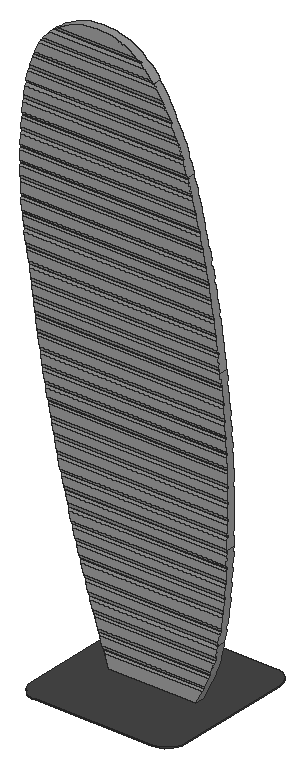
Revit family "Haworth_BuzziPlant_Surf_AP_PRELIMINARY", category Furniture, Revit 2018
Family settings
  OmniClass Number = 23.40.70.14.64.21
  OmniClass Title = Systems Furniture
  Work Plane-Based = No
  Always vertical = Yes
  Cut with Voids When Loaded = No
  Shared = No
  Room Calculation Point = No
Parameters (values of type "Surf")
  Warranty = "http://www.haworth.com/resources/product-info/warranties"
  Upholstery Finish [instance] = Haworth _ Fabric _ Undecided _ Screen
  Upholstery Depth = 27 mm  # constant formula
  URL - Product = "https://www.haworth.com/ap/en/products/office-partitions/buzziplant.html"
  URL = "https://www.haworth.com/ap/en.html"
  Size = "Verify Final Dim. w/ Haworth"  # constant formula
  Revision Number = "1"  # constant formula
  Model = "Buzzi Plant"  # constant formula
  Manufacturer = "Haworth"  # constant formula
  Description = "Haworth - BuzziPlant - Surf"  # constant formula
  Base Finish [instance] = Haworth _ Paint _ Black BTR-9005
  Author = "Haworth (Abd Rahman)"  # constant formula
  Assembly Code = "E2020200"
  Actual Width = 640 mm  # constant formula
  Actual Height = 1783.06 mm  # constant formula
  Actual Depth = 490 mm  # constant formula
Reference planes
  plane 1 "Center F/B": y = 44.45
  plane 2: z = 0
  plane 3 "Back": y = 289.421
  plane 4 "Front": y = -200.521
  plane 5 "Top": z = 1783.06
  plane 6 "Right": x = 1080.528
  plane 7 "Left": x = 440.467
  plane 8: x = 760.497
  plane 9 "Front Surface": y = 30.988
  plane 10 "Back Surface": y = 57.912
  plane 11 "Base Top": z = 3
Forms (mm)
  Extrusion 1, solid, material "Haworth _ Paint _ Black BTR-9005" <- "Base Finish"
    sketch origin (139.7, 0, 0) x (1, 0, 0) y (0, 1, 0)
      loop
        arc (880.544, -200.521) -> (923.171, -182.864) -> (940.828, -140.238) r 60.283
        line (940.828, -140.238) -> (940.828, 229.096)
        arc (940.828, 229.096) -> (923.159, 271.752) -> (880.503, 289.421) r 60.325
        line (880.503, 289.421) -> (513.795, 289.421)
        arc (513.795, 289.421) -> (471.139, 271.752) -> (453.47, 229.096) r 60.325
        line (453.47, 229.096) -> (453.47, -140.196)
        arc (453.47, -140.196) -> (471.139, -182.852) -> (513.795, -200.521) r 60.325
        line (513.795, -200.521) -> (880.544, -200.521)
    from 0 to 3
  Extrusion 2, solid, material "Haworth _ Fabric _ Undecided _ Screen" <- "Upholstery Finish"
    sketch origin (0, 44.45, 0) x (1, 0, 0) y (0, 0, 1)
      loop
        arc (974.294, 3) -> (1017.907, 91.898) -> (1044.135, 187.382) r 527.429
        arc (1044.135, 187.382) -> (1063.496, 326.605) -> (1072.822, 466.858) r 1958.722
        arc (1072.822, 466.858) -> (1071.032, 714.262) -> (1050.585, 960.826) r 3277.814
        arc (1050.585, 960.826) -> (1008.975, 1221.833) -> (947.872, 1478.977) r 3515.18
        arc (947.872, 1478.977) -> (904.09, 1597.585) -> (841.374, 1707.363) r 765.114
        arc (841.374, 1707.363) -> (662.561, 1800.769) -> (484.934, 1705.129) r 215.28
        arc (484.934, 1705.129) -> (484.311, 1704.15) -> (483.734, 1703.144) r 25.4
        arc (483.734, 1703.144) -> (454.41, 1636.149) -> (436.886, 1565.148) r 429.2
        arc (436.886, 1565.148) -> (419.93, 1311.646) -> (448.581, 1059.198) r 1415.013
        arc (448.581, 1059.198) -> (448.765, 1058.205) -> (448.909, 1057.206) r 25.4
        arc (448.909, 1057.206) -> (545.29, 523.178) -> (699.854, 3) r 4923.678
        line (699.854, 3) -> (974.294, 3)
    from -13.462 to 13.462
  Extrusion 3, void
    sketch origin (0, 9.525, 0) x (0, 1, 0) y (0, 0, -1)
      loop
        line (9.929, -1796.058) -> (24.3, -1751.467)
        arc (24.3, -1751.467) -> (24.374, -1751) -> (24.304, -1750.532) r 1.546
        line (24.304, -1750.532) -> (9.929, -1704.468) -> (9.929, -1796.058)
      loop
        line (59.921, -1796.058) -> (59.921, -1704.468) -> (45.546, -1750.532)
        arc (45.546, -1750.532) -> (45.476, -1751) -> (45.55, -1751.467) r 1.546
        line (45.55, -1751.467) -> (59.921, -1796.058)
    from -876.216 to -379.383
  Extrusion 4, void
    sketch origin (0, 9.525, -44.924) x (0, 1, 0) y (0, 0, -1)
      loop
        line (9.929, -1796.058) -> (24.3, -1751.467)
        arc (24.3, -1751.467) -> (24.374, -1751) -> (24.304, -1750.532) r 1.546
        line (24.304, -1750.532) -> (9.929, -1704.468) -> (9.929, -1796.058)
      loop
        line (59.921, -1796.058) -> (59.921, -1704.468) -> (45.546, -1750.532)
        arc (45.546, -1750.532) -> (45.476, -1751) -> (45.55, -1751.467) r 1.546
        line (45.55, -1751.467) -> (59.921, -1796.058)
    from -876.216 to -379.383
  Extrusion 5, void
    sketch origin (0, 9.525, 3363.342) x (0, 1, 0) y (0, 0, -1)
      loop
        line (9.929, 1749.924) -> (9.929, 1658.334) -> (24.304, 1704.398)
        arc (24.304, 1704.398) -> (24.374, 1704.865) -> (24.3, 1705.332) r 1.546
        line (24.3, 1705.332) -> (9.929, 1749.924)
      loop
        line (59.921, 1749.924) -> (45.55, 1705.332)
        arc (45.55, 1705.332) -> (45.476, 1704.865) -> (45.546, 1704.398) r 1.546
        line (45.546, 1704.398) -> (59.921, 1658.334) -> (59.921, 1749.924)
    from -1155.601 to -49.213
  Extrusion 6, void
    sketch origin (0, 9.525, 3318.892) x (0, 1, 0) y (0, 0, -1)
      loop
        line (9.929, 1749.924) -> (9.929, 1658.334) -> (24.304, 1704.398)
        arc (24.304, 1704.398) -> (24.374, 1704.865) -> (24.3, 1705.332) r 1.546
        line (24.3, 1705.332) -> (9.929, 1749.924)
      loop
        line (59.921, 1749.924) -> (45.55, 1705.332)
        arc (45.55, 1705.332) -> (45.476, 1704.865) -> (45.546, 1704.398) r 1.546
        line (45.546, 1704.398) -> (59.921, 1658.334) -> (59.921, 1749.924)
    from -1155.601 to -49.213
  Extrusion 7, void
    sketch origin (0, 9.525, 3274.442) x (0, 1, 0) y (0, 0, -1)
      loop
        line (9.929, 1749.924) -> (9.929, 1658.334) -> (24.304, 1704.398)
        arc (24.304, 1704.398) -> (24.374, 1704.865) -> (24.3, 1705.332) r 1.546
        line (24.3, 1705.332) -> (9.929, 1749.924)
      loop
        line (59.921, 1749.924) -> (45.55, 1705.332)
        arc (45.55, 1705.332) -> (45.476, 1704.865) -> (45.546, 1704.398) r 1.546
        line (45.546, 1704.398) -> (59.921, 1658.334) -> (59.921, 1749.924)
    from -1155.601 to -49.213
  Extrusion 8, void
    sketch origin (0, 9.525, 3227.344) x (0, 1, 0) y (0, 0, -1)
      loop
        line (9.929, 1749.924) -> (9.929, 1658.334) -> (24.304, 1704.398)
        arc (24.304, 1704.398) -> (24.374, 1704.865) -> (24.3, 1705.332) r 1.546
        line (24.3, 1705.332) -> (9.929, 1749.924)
      loop
        line (59.921, 1749.924) -> (45.55, 1705.332)
        arc (45.55, 1705.332) -> (45.476, 1704.865) -> (45.546, 1704.398) r 1.546
        line (45.546, 1704.398) -> (59.921, 1658.334) -> (59.921, 1749.924)
    from -1155.601 to -49.213
  Extrusion 9, void
    sketch origin (0, 9.525, 3178.769) x (0, 1, 0) y (0, 0, -1)
      loop
        line (9.929, 1749.924) -> (9.929, 1658.334) -> (24.304, 1704.398)
        arc (24.304, 1704.398) -> (24.374, 1704.865) -> (24.3, 1705.332) r 1.546
        line (24.3, 1705.332) -> (9.929, 1749.924)
      loop
        line (59.921, 1749.924) -> (45.55, 1705.332)
        arc (45.55, 1705.332) -> (45.476, 1704.865) -> (45.546, 1704.398) r 1.546
        line (45.546, 1704.398) -> (59.921, 1658.334) -> (59.921, 1749.924)
    from -1155.601 to -49.213
  Extrusion 10, void
    sketch origin (0, 9.525, 3134.319) x (0, 1, 0) y (0, 0, -1)
      loop
        line (9.929, 1749.924) -> (9.929, 1658.334) -> (24.304, 1704.398)
        arc (24.304, 1704.398) -> (24.374, 1704.865) -> (24.3, 1705.332) r 1.546
        line (24.3, 1705.332) -> (9.929, 1749.924)
      loop
        line (59.921, 1749.924) -> (45.55, 1705.332)
        arc (45.55, 1705.332) -> (45.476, 1704.865) -> (45.546, 1704.398) r 1.546
        line (45.546, 1704.398) -> (59.921, 1658.334) -> (59.921, 1749.924)
    from -1155.601 to -49.213
  Extrusion 11, void
    sketch origin (0, 9.525, 3086.594) x (0, 1, 0) y (0, 0, -1)
      loop
        line (9.929, 1749.924) -> (9.929, 1658.334) -> (24.304, 1704.398)
        arc (24.304, 1704.398) -> (24.374, 1704.865) -> (24.3, 1705.332) r 1.546
        line (24.3, 1705.332) -> (9.929, 1749.924)
      loop
        line (59.921, 1749.924) -> (45.55, 1705.332)
        arc (45.55, 1705.332) -> (45.476, 1704.865) -> (45.546, 1704.398) r 1.546
        line (45.546, 1704.398) -> (59.921, 1658.334) -> (59.921, 1749.924)
    from -1155.601 to -49.213
  Extrusion 12, void
    sketch origin (0, 9.525, 3041.309) x (0, 1, 0) y (0, 0, -1)
      loop
        line (9.929, 1749.924) -> (9.929, 1658.334) -> (24.304, 1704.398)
        arc (24.304, 1704.398) -> (24.374, 1704.865) -> (24.3, 1705.332) r 1.546
        line (24.3, 1705.332) -> (9.929, 1749.924)
      loop
        line (59.921, 1749.924) -> (45.55, 1705.332)
        arc (45.55, 1705.332) -> (45.476, 1704.865) -> (45.546, 1704.398) r 1.546
        line (45.546, 1704.398) -> (59.921, 1658.334) -> (59.921, 1749.924)
    from -1155.601 to -49.213
  Extrusion 13, void
    sketch origin (0, 9.525, 2997.383) x (0, 1, 0) y (0, 0, -1)
      loop
        line (9.929, 1749.924) -> (9.929, 1658.334) -> (24.304, 1704.398)
        arc (24.304, 1704.398) -> (24.374, 1704.865) -> (24.3, 1705.332) r 1.546
        line (24.3, 1705.332) -> (9.929, 1749.924)
      loop
        line (59.921, 1749.924) -> (45.55, 1705.332)
        arc (45.55, 1705.332) -> (45.476, 1704.865) -> (45.546, 1704.398) r 1.546
        line (45.546, 1704.398) -> (59.921, 1658.334) -> (59.921, 1749.924)
    from -1155.601 to -49.213
  Extrusion 14, void
    sketch origin (0, 9.525, 2949.036) x (0, 1, 0) y (0, 0, -1)
      loop
        line (9.929, 1749.924) -> (9.929, 1658.334) -> (24.304, 1704.398)
        arc (24.304, 1704.398) -> (24.374, 1704.865) -> (24.3, 1705.332) r 1.546
        line (24.3, 1705.332) -> (9.929, 1749.924)
      loop
        line (59.921, 1749.924) -> (45.55, 1705.332)
        arc (45.55, 1705.332) -> (45.476, 1704.865) -> (45.546, 1704.398) r 1.546
        line (45.546, 1704.398) -> (59.921, 1658.334) -> (59.921, 1749.924)
    from -1155.601 to -49.213
  Extrusion 15, void
    sketch origin (0, 9.525, 2902.314) x (0, 1, 0) y (0, 0, -1)
      loop
        line (9.929, 1749.924) -> (9.929, 1658.334) -> (24.304, 1704.398)
        arc (24.304, 1704.398) -> (24.374, 1704.865) -> (24.3, 1705.332) r 1.546
        line (24.3, 1705.332) -> (9.929, 1749.924)
      loop
        line (59.921, 1749.924) -> (45.55, 1705.332)
        arc (45.55, 1705.332) -> (45.476, 1704.865) -> (45.546, 1704.398) r 1.546
        line (45.546, 1704.398) -> (59.921, 1658.334) -> (59.921, 1749.924)
    from -1155.601 to -49.213
  Extrusion 16, void
    sketch origin (0, 9.525, 2860.675) x (0, 1, 0) y (0, 0, -1)
      loop
        line (9.929, 1749.924) -> (9.929, 1658.334) -> (24.304, 1704.398)
        arc (24.304, 1704.398) -> (24.374, 1704.865) -> (24.3, 1705.332) r 1.546
        line (24.3, 1705.332) -> (9.929, 1749.924)
      loop
        line (59.921, 1749.924) -> (45.55, 1705.332)
        arc (45.55, 1705.332) -> (45.476, 1704.865) -> (45.546, 1704.398) r 1.546
        line (45.546, 1704.398) -> (59.921, 1658.334) -> (59.921, 1749.924)
    from -1155.601 to -49.213
  Extrusion 17, void
    sketch origin (0, 9.525, 2810.673) x (0, 1, 0) y (0, 0, -1)
      loop
        line (9.929, 1749.924) -> (9.929, 1658.334) -> (24.304, 1704.398)
        arc (24.304, 1704.398) -> (24.374, 1704.865) -> (24.3, 1705.332) r 1.546
        line (24.3, 1705.332) -> (9.929, 1749.924)
      loop
        line (59.921, 1749.924) -> (45.55, 1705.332)
        arc (45.55, 1705.332) -> (45.476, 1704.865) -> (45.546, 1704.398) r 1.546
        line (45.546, 1704.398) -> (59.921, 1658.334) -> (59.921, 1749.924)
    from -1155.601 to -49.213
  Extrusion 18, void
    sketch origin (0, 9.525, 2718.485) x (0, 1, 0) y (0, 0, -1)
      loop
        line (9.929, 1749.924) -> (9.929, 1658.334) -> (24.304, 1704.398)
        arc (24.304, 1704.398) -> (24.374, 1704.865) -> (24.3, 1705.332) r 1.546
        line (24.3, 1705.332) -> (9.929, 1749.924)
      loop
        line (59.921, 1749.924) -> (45.55, 1705.332)
        arc (45.55, 1705.332) -> (45.476, 1704.865) -> (45.546, 1704.398) r 1.546
        line (45.546, 1704.398) -> (59.921, 1658.334) -> (59.921, 1749.924)
    from -1155.601 to -49.213
  Extrusion 19, void
    sketch origin (0, 9.525, 2672.408) x (0, 1, 0) y (0, 0, -1)
      loop
        line (9.929, 1749.924) -> (9.929, 1658.334) -> (24.304, 1704.398)
        arc (24.304, 1704.398) -> (24.374, 1704.865) -> (24.3, 1705.332) r 1.546
        line (24.3, 1705.332) -> (9.929, 1749.924)
      loop
        line (59.921, 1749.924) -> (45.55, 1705.332)
        arc (45.55, 1705.332) -> (45.476, 1704.865) -> (45.546, 1704.398) r 1.546
        line (45.546, 1704.398) -> (59.921, 1658.334) -> (59.921, 1749.924)
    from -1155.601 to -49.213
  Extrusion 20, void
    sketch origin (0, 9.525, 2627.958) x (0, 1, 0) y (0, 0, -1)
      loop
        line (9.929, 1749.924) -> (9.929, 1658.334) -> (24.304, 1704.398)
        arc (24.304, 1704.398) -> (24.374, 1704.865) -> (24.3, 1705.332) r 1.546
        line (24.3, 1705.332) -> (9.929, 1749.924)
      loop
        line (59.921, 1749.924) -> (45.55, 1705.332)
        arc (45.55, 1705.332) -> (45.476, 1704.865) -> (45.546, 1704.398) r 1.546
        line (45.546, 1704.398) -> (59.921, 1658.334) -> (59.921, 1749.924)
    from -1155.601 to -49.213
  Extrusion 21, void
    sketch origin (0, 9.525, 2580.236) x (0, 1, 0) y (0, 0, -1)
      loop
        line (9.929, 1749.924) -> (9.929, 1658.334) -> (24.304, 1704.398)
        arc (24.304, 1704.398) -> (24.374, 1704.865) -> (24.3, 1705.332) r 1.546
        line (24.3, 1705.332) -> (9.929, 1749.924)
      loop
        line (59.921, 1749.924) -> (45.55, 1705.332)
        arc (45.55, 1705.332) -> (45.476, 1704.865) -> (45.546, 1704.398) r 1.546
        line (45.546, 1704.398) -> (59.921, 1658.334) -> (59.921, 1749.924)
    from -1155.601 to -49.213
  Extrusion 22, void
    sketch origin (0, 9.525, 2533.925) x (0, 1, 0) y (0, 0, -1)
      loop
        line (9.929, 1749.924) -> (9.929, 1658.334) -> (24.304, 1704.398)
        arc (24.304, 1704.398) -> (24.374, 1704.865) -> (24.3, 1705.332) r 1.546
        line (24.3, 1705.332) -> (9.929, 1749.924)
      loop
        line (59.921, 1749.924) -> (45.55, 1705.332)
        arc (45.55, 1705.332) -> (45.476, 1704.865) -> (45.546, 1704.398) r 1.546
        line (45.546, 1704.398) -> (59.921, 1658.334) -> (59.921, 1749.924)
    from -1155.601 to -49.213
  Extrusion 23, void
    sketch origin (0, 9.525, 2487.915) x (0, 1, 0) y (0, 0, -1)
      loop
        line (9.929, 1749.924) -> (9.929, 1658.334) -> (24.304, 1704.398)
        arc (24.304, 1704.398) -> (24.374, 1704.865) -> (24.3, 1705.332) r 1.546
        line (24.3, 1705.332) -> (9.929, 1749.924)
      loop
        line (59.921, 1749.924) -> (45.55, 1705.332)
        arc (45.55, 1705.332) -> (45.476, 1704.865) -> (45.546, 1704.398) r 1.546
        line (45.546, 1704.398) -> (59.921, 1658.334) -> (59.921, 1749.924)
    from -1155.601 to -49.213
  Extrusion 24, void
    sketch origin (0, 9.525, 2443.465) x (0, 1, 0) y (0, 0, -1)
      loop
        line (9.929, 1749.924) -> (9.929, 1658.334) -> (24.304, 1704.398)
        arc (24.304, 1704.398) -> (24.374, 1704.865) -> (24.3, 1705.332) r 1.546
        line (24.3, 1705.332) -> (9.929, 1749.924)
      loop
        line (59.921, 1749.924) -> (45.55, 1705.332)
        arc (45.55, 1705.332) -> (45.476, 1704.865) -> (45.546, 1704.398) r 1.546
        line (45.546, 1704.398) -> (59.921, 1658.334) -> (59.921, 1749.924)
    from -1155.601 to -49.213
  Extrusion 25, void
    sketch origin (0, 9.525, 2399.015) x (0, 1, 0) y (0, 0, -1)
      loop
        line (9.929, 1749.924) -> (9.929, 1658.334) -> (24.304, 1704.398)
        arc (24.304, 1704.398) -> (24.374, 1704.865) -> (24.3, 1705.332) r 1.546
        line (24.3, 1705.332) -> (9.929, 1749.924)
      loop
        line (59.921, 1749.924) -> (45.55, 1705.332)
        arc (45.55, 1705.332) -> (45.476, 1704.865) -> (45.546, 1704.398) r 1.546
        line (45.546, 1704.398) -> (59.921, 1658.334) -> (59.921, 1749.924)
    from -1155.601 to -49.213
  Extrusion 26, void
    sketch origin (0, 9.525, 2349.806) x (0, 1, 0) y (0, 0, -1)
      loop
        line (9.929, 1749.924) -> (9.929, 1658.334) -> (24.304, 1704.398)
        arc (24.304, 1704.398) -> (24.374, 1704.865) -> (24.3, 1705.332) r 1.546
        line (24.3, 1705.332) -> (9.929, 1749.924)
      loop
        line (59.921, 1749.924) -> (45.55, 1705.332)
        arc (45.55, 1705.332) -> (45.476, 1704.865) -> (45.546, 1704.398) r 1.546
        line (45.546, 1704.398) -> (59.921, 1658.334) -> (59.921, 1749.924)
    from -1155.601 to -49.213
  Extrusion 27, void
    sketch origin (0, 9.525, 2305.356) x (0, 1, 0) y (0, 0, -1)
      loop
        line (9.929, 1749.924) -> (9.929, 1658.334) -> (24.304, 1704.398)
        arc (24.304, 1704.398) -> (24.374, 1704.865) -> (24.3, 1705.332) r 1.546
        line (24.3, 1705.332) -> (9.929, 1749.924)
      loop
        line (59.921, 1749.924) -> (45.55, 1705.332)
        arc (45.55, 1705.332) -> (45.476, 1704.865) -> (45.546, 1704.398) r 1.546
        line (45.546, 1704.398) -> (59.921, 1658.334) -> (59.921, 1749.924)
    from -1155.601 to -49.213
  Extrusion 28, void
    sketch origin (0, 9.525, 2257.729) x (0, 1, 0) y (0, 0, -1)
      loop
        line (9.929, 1749.924) -> (9.929, 1658.334) -> (24.304, 1704.398)
        arc (24.304, 1704.398) -> (24.374, 1704.865) -> (24.3, 1705.332) r 1.546
        line (24.3, 1705.332) -> (9.929, 1749.924)
      loop
        line (59.921, 1749.924) -> (45.55, 1705.332)
        arc (45.55, 1705.332) -> (45.476, 1704.865) -> (45.546, 1704.398) r 1.546
        line (45.546, 1704.398) -> (59.921, 1658.334) -> (59.921, 1749.924)
    from -1155.601 to -49.213
  Extrusion 29, void
    sketch origin (0, 9.525, 2211.654) x (0, 1, 0) y (0, 0, -1)
      loop
        line (9.929, 1749.924) -> (9.929, 1658.334) -> (24.304, 1704.398)
        arc (24.304, 1704.398) -> (24.374, 1704.865) -> (24.3, 1705.332) r 1.546
        line (24.3, 1705.332) -> (9.929, 1749.924)
      loop
        line (59.921, 1749.924) -> (45.55, 1705.332)
        arc (45.55, 1705.332) -> (45.476, 1704.865) -> (45.546, 1704.398) r 1.546
        line (45.546, 1704.398) -> (59.921, 1658.334) -> (59.921, 1749.924)
    from -1155.601 to -49.213
  Extrusion 30, void
    sketch origin (0, 9.525, 2165.59) x (0, 1, 0) y (0, 0, -1)
      loop
        line (9.929, 1749.924) -> (9.929, 1658.334) -> (24.304, 1704.398)
        arc (24.304, 1704.398) -> (24.374, 1704.865) -> (24.3, 1705.332) r 1.546
        line (24.3, 1705.332) -> (9.929, 1749.924)
      loop
        line (59.921, 1749.924) -> (45.55, 1705.332)
        arc (45.55, 1705.332) -> (45.476, 1704.865) -> (45.546, 1704.398) r 1.546
        line (45.546, 1704.398) -> (59.921, 1658.334) -> (59.921, 1749.924)
    from -1155.601 to -49.213
  Extrusion 31, void
    sketch origin (0, 9.525, 2765.106) x (0, 1, 0) y (0, 0, -1)
      loop
        line (9.929, 1749.924) -> (9.929, 1658.334) -> (24.304, 1704.398)
        arc (24.304, 1704.398) -> (24.374, 1704.865) -> (24.3, 1705.332) r 1.546
        line (24.3, 1705.332) -> (9.929, 1749.924)
      loop
        line (59.921, 1749.924) -> (45.55, 1705.332)
        arc (45.55, 1705.332) -> (45.476, 1704.865) -> (45.546, 1704.398) r 1.546
        line (45.546, 1704.398) -> (59.921, 1658.334) -> (59.921, 1749.924)
    from -1155.601 to -49.213
  Extrusion 32, void
    sketch origin (0, 9.525, 2121.085) x (0, 1, 0) y (0, 0, -1)
      loop
        line (9.929, 1749.924) -> (9.929, 1658.334) -> (24.304, 1704.398)
        arc (24.304, 1704.398) -> (24.374, 1704.865) -> (24.3, 1705.332) r 1.546
        line (24.3, 1705.332) -> (9.929, 1749.924)
      loop
        line (59.921, 1749.924) -> (45.55, 1705.332)
        arc (45.55, 1705.332) -> (45.476, 1704.865) -> (45.546, 1704.398) r 1.546
        line (45.546, 1704.398) -> (59.921, 1658.334) -> (59.921, 1749.924)
    from -1155.601 to -49.213
  Extrusion 33, void
    sketch origin (0, 9.525, 2076.635) x (0, 1, 0) y (0, 0, -1)
      loop
        line (9.929, 1749.924) -> (9.929, 1658.334) -> (24.304, 1704.398)
        arc (24.304, 1704.398) -> (24.374, 1704.865) -> (24.3, 1705.332) r 1.546
        line (24.3, 1705.332) -> (9.929, 1749.924)
      loop
        line (59.921, 1749.924) -> (45.55, 1705.332)
        arc (45.55, 1705.332) -> (45.476, 1704.865) -> (45.546, 1704.398) r 1.546
        line (45.546, 1704.398) -> (59.921, 1658.334) -> (59.921, 1749.924)
    from -1155.601 to -49.213
  Extrusion 34, void
    sketch origin (0, 9.525, 2032.185) x (0, 1, 0) y (0, 0, -1)
      loop
        line (9.929, 1749.924) -> (9.929, 1658.334) -> (24.304, 1704.398)
        arc (24.304, 1704.398) -> (24.374, 1704.865) -> (24.3, 1705.332) r 1.546
        line (24.3, 1705.332) -> (9.929, 1749.924)
      loop
        line (59.921, 1749.924) -> (45.55, 1705.332)
        arc (45.55, 1705.332) -> (45.476, 1704.865) -> (45.546, 1704.398) r 1.546
        line (45.546, 1704.398) -> (59.921, 1658.334) -> (59.921, 1749.924)
    from -1155.601 to -49.213
  Extrusion 35, void
    sketch origin (0, 9.525, 1987.735) x (0, 1, 0) y (0, 0, -1)
      loop
        line (9.929, 1749.924) -> (9.929, 1658.334) -> (24.304, 1704.398)
        arc (24.304, 1704.398) -> (24.374, 1704.865) -> (24.3, 1705.332) r 1.546
        line (24.3, 1705.332) -> (9.929, 1749.924)
      loop
        line (59.921, 1749.924) -> (45.55, 1705.332)
        arc (45.55, 1705.332) -> (45.476, 1704.865) -> (45.546, 1704.398) r 1.546
        line (45.546, 1704.398) -> (59.921, 1658.334) -> (59.921, 1749.924)
    from -1155.601 to -49.213
  Extrusion 36, void
    sketch origin (0, 9.525, 1936.935) x (0, 1, 0) y (0, 0, -1)
      loop
        line (9.929, 1749.924) -> (9.929, 1658.334) -> (24.304, 1704.398)
        arc (24.304, 1704.398) -> (24.374, 1704.865) -> (24.3, 1705.332) r 1.546
        line (24.3, 1705.332) -> (9.929, 1749.924)
      loop
        line (59.921, 1749.924) -> (45.55, 1705.332)
        arc (45.55, 1705.332) -> (45.476, 1704.865) -> (45.546, 1704.398) r 1.546
        line (45.546, 1704.398) -> (59.921, 1658.334) -> (59.921, 1749.924)
    from -1155.601 to -49.213
  Extrusion 37, void
    sketch origin (0, 9.525, 1892.485) x (0, 1, 0) y (0, 0, -1)
      loop
        line (9.929, 1749.924) -> (9.929, 1658.334) -> (24.304, 1704.398)
        arc (24.304, 1704.398) -> (24.374, 1704.865) -> (24.3, 1705.332) r 1.546
        line (24.3, 1705.332) -> (9.929, 1749.924)
      loop
        line (59.921, 1749.924) -> (45.55, 1705.332)
        arc (45.55, 1705.332) -> (45.476, 1704.865) -> (45.546, 1704.398) r 1.546
        line (45.546, 1704.398) -> (59.921, 1658.334) -> (59.921, 1749.924)
    from -1155.601 to -49.213
  Extrusion 38, void
    sketch origin (0, 9.525, 1848.035) x (0, 1, 0) y (0, 0, -1)
      loop
        line (9.929, 1749.924) -> (9.929, 1658.334) -> (24.304, 1704.398)
        arc (24.304, 1704.398) -> (24.374, 1704.865) -> (24.3, 1705.332) r 1.546
        line (24.3, 1705.332) -> (9.929, 1749.924)
      loop
        line (59.921, 1749.924) -> (45.55, 1705.332)
        arc (45.55, 1705.332) -> (45.476, 1704.865) -> (45.546, 1704.398) r 1.546
        line (45.546, 1704.398) -> (59.921, 1658.334) -> (59.921, 1749.924)
    from -1155.601 to -49.213
  Extrusion 39, void
    sketch origin (0, 9.525, 1800.485) x (0, 1, 0) y (0, 0, -1)
      loop
        line (9.929, 1749.924) -> (9.929, 1658.334) -> (24.304, 1704.398)
        arc (24.304, 1704.398) -> (24.374, 1704.865) -> (24.3, 1705.332) r 1.546
        line (24.3, 1705.332) -> (9.929, 1749.924)
      loop
        line (59.921, 1749.924) -> (45.55, 1705.332)
        arc (45.55, 1705.332) -> (45.476, 1704.865) -> (45.546, 1704.398) r 1.546
        line (45.546, 1704.398) -> (59.921, 1658.334) -> (59.921, 1749.924)
    from -1155.601 to -49.213
  Extrusion 40, void
    sketch origin (0, 9.525, 1756.035) x (0, 1, 0) y (0, 0, -1)
      loop
        line (9.929, 1749.924) -> (9.929, 1658.334) -> (24.304, 1704.398)
        arc (24.304, 1704.398) -> (24.374, 1704.865) -> (24.3, 1705.332) r 1.546
        line (24.3, 1705.332) -> (9.929, 1749.924)
      loop
        line (59.921, 1749.924) -> (45.55, 1705.332)
        arc (45.55, 1705.332) -> (45.476, 1704.865) -> (45.546, 1704.398) r 1.546
        line (45.546, 1704.398) -> (59.921, 1658.334) -> (59.921, 1749.924)
    from -1155.601 to -49.213
Cuts and joins
  Extrusion 3, Extrusion 4, Extrusion 5, Extrusion 6, Extrusion 7, Extrusion 8, Extrusion 9, Extrusion 10, Extrusion 11, Extrusion 12, Extrusion 13, Extrusion 14, Extrusion 15, Extrusion 16, Extrusion 17, Extrusion 18, Extrusion 19, Extrusion 20, Extrusion 21, Extrusion 22, Extrusion 23, Extrusion 24, Extrusion 25, Extrusion 26, Extrusion 27, Extrusion 28, Extrusion 29, Extrusion 30, Extrusion 31, Extrusion 32, Extrusion 33, Extrusion 34, Extrusion 35, Extrusion 36, Extrusion 37, Extrusion 38, Extrusion 39, Extrusion 40 cuts Extrusion 2
Lines and regions (mm)
  Masking region 1
    outline origin (0, 0, 0) x (1, 0, 0) y (0, 1, 0)
      loop
        line (1022.053, 289.421) -> (653.495, 289.421)
        arc (653.495, 289.421) -> (610.839, 271.752) -> (593.17, 229.096) r 60.325
        line (593.17, 229.096) -> (593.17, 57.912) -> (440.467, 57.912) -> (440.467, 30.988) -> (593.17, 30.988) -> (593.17, -140.196)
        arc (593.17, -140.196) -> (610.839, -182.852) -> (653.495, -200.521) r 60.325
        line (653.495, -200.521) -> (1022.095, -200.521)
        arc (1022.095, -200.521) -> (1064.721, -182.864) -> (1082.378, -140.238) r 60.283
        line (1082.378, -140.238) -> (1082.378, 229.096)
        arc (1082.378, 229.096) -> (1064.709, 271.752) -> (1022.053, 289.421) r 60.325
  symbolic lines
    curve 1: line (1082.378, 57.912, 0) -> (593.17, 57.912, 0)
    curve 2: line (593.5, 30.988, 0) -> (1082.378, 30.988, 0)
Dimensions and locks
  "Actual Width": plane 7 "Left" to plane 6 "Right"
  "Actual Depth": plane 4 "Front" to plane 3 "Back"
  equal spacing: plane 4 "Front", plane 1 "Center F/B", plane 3 "Back"
  "Actual Height": plane 5 "Top" to level
  equal spacing: plane 7 "Left", plane 8, plane 6 "Right"
  plane 10 "Back Surface" to plane 9 "Front Surface" = 26.924 mm
  aligned and locked: Extrusion 1 sketch curve to plane 3 "Back"
  aligned and locked: Extrusion 1 sketch curve to plane 4 "Front"
  aligned and locked: Extrusion 1 to plane 2
  aligned and locked: plane 11 "Base Top" to Extrusion 1
  aligned and locked: plane 10 "Back Surface" to Extrusion 2
  aligned and locked: Extrusion 2 to plane 9 "Front Surface"
  aligned and locked: plane 6 "Right" to Extrusion 1
Automatic sketch dimensions
  Extrusion 1 sketch curve to plane 7 "Left" = 152.702 mm
  Extrusion 1 sketch curve to Extrusion 1 sketch curve = 60.325 mm  (x2)
  Extrusion 1 sketch curve to plane 6 "Right" = 60.325 mm
  Extrusion 1 sketch curve to plane 6 "Right" = 60.283 mm
  plane 6 "Right" to Extrusion 1 sketch curve = 0 mm
  Extrusion 2 sketch curve to plane 11 "Base Top" = 0 mm
  plane 11 "Base Top" to Extrusion 2 sketch curve = 535.321 mm
  plane 7 "Left" to Extrusion 2 sketch curve = 2879.579 mm
  Extrusion 2 sketch curve to Extrusion 2 sketch curve = 235.646 mm
  Extrusion 2 sketch curve to Extrusion 2 sketch curve = 1318.478 mm
  plane 7 "Left" to Extrusion 2 sketch curve = 229.806 mm
  plane 7 "Left" to Extrusion 2 sketch curve = 16.765 mm
  Extrusion 2 sketch curve to plane 7 "Left" = 65.583 mm
  Extrusion 2 sketch curve to plane 7 "Left" = 84.209 mm
  plane 8 to Extrusion 2 sketch curve = 96.587 mm
  plane 8 to Extrusion 2 sketch curve = 60.643 mm
  Extrusion 2 sketch curve to plane 8 = 100.331 mm
  Extrusion 2 sketch curve to plane 6 "Right" = 106.233 mm
  plane 6 "Right" to Extrusion 2 sketch curve = 754.038 mm
  Extrusion 2 sketch curve to plane 5 "Top" = 119.699 mm
  Extrusion 2 sketch curve to Extrusion 2 sketch curve = 3500.568 mm
  level to Extrusion 2 sketch curve = 278.726 mm
  level to Extrusion 2 sketch curve = 526.611 mm
  Extrusion 2 sketch curve to Extrusion 2 sketch curve = 28.53 mm
  Extrusion 2 sketch curve to plane 5 "Top" = 728.981 mm
  Extrusion 2 sketch curve to Extrusion 2 sketch curve = 220.154 mm
  Extrusion 2 sketch curve to plane 5 "Top" = 438.715 mm
  Extrusion 2 sketch curve to plane 5 "Top" = 284.886 mm
  Extrusion 2 sketch curve to plane 5 "Top" = 197.566 mm
  Extrusion 2 sketch curve to plane 5 "Top" = 92.047 mm
  plane 7 "Left" to Extrusion 2 sketch curve = 3.581 mm
  Extrusion 2 sketch curve to Extrusion 2 sketch curve = 0 mm  (x8)
  plane 9 "Front Surface" to Extrusion 3 sketch curve = 11.534 mm
  Extrusion 3 sketch curve to plane 9 "Front Surface" = 1.365 mm
  Extrusion 3 sketch curve to Extrusion 3 sketch curve = 1.471 mm
  Extrusion 3 sketch curve to Extrusion 3 sketch curve = 0.004 mm  (x2)
  plane 10 "Back Surface" to Extrusion 3 sketch curve = 2.841 mm
  plane 10 "Back Surface" to Extrusion 3 sketch curve = 1.365 mm
  Extrusion 3 sketch curve to plane 10 "Back Surface" = 11.534 mm
  plane 5 "Top" to Extrusion 3 sketch curve = 78.592 mm
  Extrusion 3 sketch curve to Extrusion 3 sketch curve = 0 mm  (x2)
  plane 5 "Top" to Extrusion 3 sketch curve = 32.528 mm
  Extrusion 3 sketch curve to Extrusion 3 sketch curve = 0.46 mm  (x2)
  Extrusion 3 sketch curve to plane 5 "Top" = 12.998 mm  (x2)
  plane 9 "Front Surface" to Extrusion 4 sketch curve = 11.534 mm
  Extrusion 4 sketch curve to plane 9 "Front Surface" = 1.365 mm
  Extrusion 4 sketch curve to Extrusion 4 sketch curve = 1.471 mm
  Extrusion 4 sketch curve to Extrusion 4 sketch curve = 0.004 mm  (x2)
  plane 10 "Back Surface" to Extrusion 4 sketch curve = 2.841 mm
  plane 10 "Back Surface" to Extrusion 4 sketch curve = 1.365 mm
  Extrusion 4 sketch curve to plane 10 "Back Surface" = 11.534 mm
  plane 5 "Top" to Extrusion 4 sketch curve = 123.515 mm
  Extrusion 4 sketch curve to Extrusion 4 sketch curve = 0 mm  (x2)
  Extrusion 4 sketch curve to Extrusion 4 sketch curve = 46.064 mm
  Extrusion 4 sketch curve to Extrusion 4 sketch curve = 0.46 mm  (x2)
  plane 5 "Top" to Extrusion 4 sketch curve = 31.926 mm  (x2)
  Extrusion 5 sketch curve to plane 9 "Front Surface" = 11.534 mm
  plane 9 "Front Surface" to Extrusion 5 sketch curve = 1.365 mm
  Extrusion 5 sketch curve to Extrusion 5 sketch curve = 1.471 mm
  Extrusion 5 sketch curve to Extrusion 5 sketch curve = 0.004 mm  (x2)
  Extrusion 5 sketch curve to plane 10 "Back Surface" = 2.841 mm
  Extrusion 5 sketch curve to plane 10 "Back Surface" = 1.365 mm
  plane 10 "Back Surface" to Extrusion 5 sketch curve = 11.534 mm
  Extrusion 5 sketch curve to plane 5 "Top" = 78.052 mm
  Extrusion 5 sketch curve to Extrusion 5 sketch curve = 0 mm  (x2)
  Extrusion 5 sketch curve to Extrusion 5 sketch curve = 46.064 mm
  Extrusion 5 sketch curve to Extrusion 5 sketch curve = 0.46 mm  (x2)
  Extrusion 5 sketch curve to Extrusion 5 sketch curve = 44.592 mm  (x2)
  Extrusion 6 sketch curve to plane 9 "Front Surface" = 11.534 mm
  plane 9 "Front Surface" to Extrusion 6 sketch curve = 1.365 mm
  Extrusion 6 sketch curve to Extrusion 6 sketch curve = 1.471 mm
  Extrusion 6 sketch curve to Extrusion 6 sketch curve = 0.004 mm  (x2)
  Extrusion 6 sketch curve to plane 10 "Back Surface" = 2.841 mm
  Extrusion 6 sketch curve to plane 10 "Back Surface" = 1.365 mm
  plane 10 "Back Surface" to Extrusion 6 sketch curve = 11.534 mm
  Extrusion 6 sketch curve to plane 5 "Top" = 122.502 mm
  Extrusion 6 sketch curve to Extrusion 6 sketch curve = 0 mm  (x2)
  Extrusion 6 sketch curve to Extrusion 6 sketch curve = 46.064 mm
  Extrusion 6 sketch curve to Extrusion 6 sketch curve = 0.46 mm  (x2)
  Extrusion 6 sketch curve to Extrusion 6 sketch curve = 44.592 mm  (x2)
  Extrusion 7 sketch curve to plane 9 "Front Surface" = 11.534 mm
  plane 9 "Front Surface" to Extrusion 7 sketch curve = 1.365 mm
  Extrusion 7 sketch curve to Extrusion 7 sketch curve = 1.471 mm
  Extrusion 7 sketch curve to Extrusion 7 sketch curve = 0.004 mm  (x2)
  Extrusion 7 sketch curve to plane 10 "Back Surface" = 2.841 mm
  Extrusion 7 sketch curve to plane 10 "Back Surface" = 1.365 mm
  plane 10 "Back Surface" to Extrusion 7 sketch curve = 11.534 mm
  Extrusion 7 sketch curve to plane 5 "Top" = 166.952 mm
  Extrusion 7 sketch curve to Extrusion 7 sketch curve = 0 mm  (x2)
  Extrusion 7 sketch curve to Extrusion 7 sketch curve = 46.064 mm
  Extrusion 7 sketch curve to Extrusion 7 sketch curve = 0.46 mm  (x2)
  Extrusion 7 sketch curve to Extrusion 7 sketch curve = 44.592 mm  (x2)
  Extrusion 8 sketch curve to plane 9 "Front Surface" = 11.534 mm
  plane 9 "Front Surface" to Extrusion 8 sketch curve = 1.365 mm
  Extrusion 8 sketch curve to Extrusion 8 sketch curve = 1.471 mm
  Extrusion 8 sketch curve to Extrusion 8 sketch curve = 0.004 mm  (x2)
  Extrusion 8 sketch curve to plane 10 "Back Surface" = 2.841 mm
  Extrusion 8 sketch curve to plane 10 "Back Surface" = 1.365 mm
  plane 10 "Back Surface" to Extrusion 8 sketch curve = 11.534 mm
  Extrusion 8 sketch curve to plane 5 "Top" = 214.05 mm
  Extrusion 8 sketch curve to Extrusion 8 sketch curve = 0 mm  (x2)
  Extrusion 8 sketch curve to Extrusion 8 sketch curve = 46.064 mm
  Extrusion 8 sketch curve to Extrusion 8 sketch curve = 0.46 mm  (x2)
  Extrusion 8 sketch curve to Extrusion 8 sketch curve = 44.592 mm  (x2)
  Extrusion 9 sketch curve to plane 9 "Front Surface" = 11.534 mm
  plane 9 "Front Surface" to Extrusion 9 sketch curve = 1.365 mm
  Extrusion 9 sketch curve to Extrusion 9 sketch curve = 1.471 mm
  Extrusion 9 sketch curve to Extrusion 9 sketch curve = 0.004 mm  (x2)
  Extrusion 9 sketch curve to plane 10 "Back Surface" = 2.841 mm
  Extrusion 9 sketch curve to plane 10 "Back Surface" = 1.365 mm
  plane 10 "Back Surface" to Extrusion 9 sketch curve = 11.534 mm
  Extrusion 9 sketch curve to plane 5 "Top" = 262.625 mm
  Extrusion 9 sketch curve to Extrusion 9 sketch curve = 0 mm  (x2)
  Extrusion 9 sketch curve to Extrusion 9 sketch curve = 46.064 mm
  Extrusion 9 sketch curve to Extrusion 9 sketch curve = 0.46 mm  (x2)
  Extrusion 9 sketch curve to Extrusion 9 sketch curve = 44.592 mm  (x2)
  Extrusion 10 sketch curve to plane 9 "Front Surface" = 11.534 mm
  plane 9 "Front Surface" to Extrusion 10 sketch curve = 1.365 mm
  Extrusion 10 sketch curve to Extrusion 10 sketch curve = 1.471 mm
  Extrusion 10 sketch curve to Extrusion 10 sketch curve = 0.004 mm  (x2)
  Extrusion 10 sketch curve to plane 10 "Back Surface" = 2.841 mm
  Extrusion 10 sketch curve to plane 10 "Back Surface" = 1.365 mm
  plane 10 "Back Surface" to Extrusion 10 sketch curve = 11.534 mm
  Extrusion 10 sketch curve to plane 5 "Top" = 307.075 mm
  Extrusion 10 sketch curve to Extrusion 10 sketch curve = 0 mm  (x2)
  Extrusion 10 sketch curve to Extrusion 10 sketch curve = 46.064 mm
  Extrusion 10 sketch curve to Extrusion 10 sketch curve = 0.46 mm  (x2)
  Extrusion 10 sketch curve to Extrusion 10 sketch curve = 44.592 mm  (x2)
  Extrusion 11 sketch curve to plane 9 "Front Surface" = 11.534 mm
  plane 9 "Front Surface" to Extrusion 11 sketch curve = 1.365 mm
  Extrusion 11 sketch curve to Extrusion 11 sketch curve = 1.471 mm
  Extrusion 11 sketch curve to Extrusion 11 sketch curve = 0.004 mm  (x2)
  Extrusion 11 sketch curve to plane 10 "Back Surface" = 2.841 mm
  Extrusion 11 sketch curve to plane 10 "Back Surface" = 1.365 mm
  plane 10 "Back Surface" to Extrusion 11 sketch curve = 11.534 mm
  Extrusion 11 sketch curve to plane 5 "Top" = 354.8 mm
  Extrusion 11 sketch curve to Extrusion 11 sketch curve = 0 mm  (x2)
  Extrusion 11 sketch curve to Extrusion 11 sketch curve = 46.064 mm
  Extrusion 11 sketch curve to Extrusion 11 sketch curve = 0.46 mm  (x2)
  Extrusion 11 sketch curve to Extrusion 11 sketch curve = 44.592 mm  (x2)
  Extrusion 12 sketch curve to plane 9 "Front Surface" = 11.534 mm
  plane 9 "Front Surface" to Extrusion 12 sketch curve = 1.365 mm
  Extrusion 12 sketch curve to Extrusion 12 sketch curve = 1.471 mm
  Extrusion 12 sketch curve to Extrusion 12 sketch curve = 0.004 mm  (x2)
  Extrusion 12 sketch curve to plane 10 "Back Surface" = 2.841 mm
  Extrusion 12 sketch curve to plane 10 "Back Surface" = 1.365 mm
  plane 10 "Back Surface" to Extrusion 12 sketch curve = 11.534 mm
  Extrusion 12 sketch curve to plane 5 "Top" = 400.085 mm
  Extrusion 12 sketch curve to Extrusion 12 sketch curve = 0 mm  (x2)
  Extrusion 12 sketch curve to Extrusion 12 sketch curve = 46.064 mm
  Extrusion 12 sketch curve to Extrusion 12 sketch curve = 0.46 mm  (x2)
  Extrusion 12 sketch curve to Extrusion 12 sketch curve = 44.592 mm  (x2)
  Extrusion 13 sketch curve to plane 9 "Front Surface" = 11.534 mm
  plane 9 "Front Surface" to Extrusion 13 sketch curve = 1.365 mm
  Extrusion 13 sketch curve to Extrusion 13 sketch curve = 1.471 mm
  Extrusion 13 sketch curve to Extrusion 13 sketch curve = 0.004 mm  (x2)
  Extrusion 13 sketch curve to plane 10 "Back Surface" = 2.841 mm
  Extrusion 13 sketch curve to plane 10 "Back Surface" = 1.365 mm
  plane 10 "Back Surface" to Extrusion 13 sketch curve = 11.534 mm
  Extrusion 13 sketch curve to plane 5 "Top" = 444.011 mm
  Extrusion 13 sketch curve to Extrusion 13 sketch curve = 0 mm  (x2)
  Extrusion 13 sketch curve to Extrusion 13 sketch curve = 46.064 mm
  Extrusion 13 sketch curve to Extrusion 13 sketch curve = 0.46 mm  (x2)
  Extrusion 13 sketch curve to Extrusion 13 sketch curve = 44.592 mm  (x2)
  Extrusion 14 sketch curve to plane 9 "Front Surface" = 11.534 mm
  plane 9 "Front Surface" to Extrusion 14 sketch curve = 1.365 mm
  Extrusion 14 sketch curve to Extrusion 14 sketch curve = 1.471 mm
  Extrusion 14 sketch curve to Extrusion 14 sketch curve = 0.004 mm  (x2)
  Extrusion 14 sketch curve to plane 10 "Back Surface" = 2.841 mm
  Extrusion 14 sketch curve to plane 10 "Back Surface" = 1.365 mm
  plane 10 "Back Surface" to Extrusion 14 sketch curve = 11.534 mm
  Extrusion 14 sketch curve to plane 5 "Top" = 492.359 mm
  Extrusion 14 sketch curve to Extrusion 14 sketch curve = 0 mm  (x2)
  Extrusion 14 sketch curve to Extrusion 14 sketch curve = 46.064 mm
  Extrusion 14 sketch curve to Extrusion 14 sketch curve = 0.46 mm  (x2)
  Extrusion 14 sketch curve to Extrusion 14 sketch curve = 44.592 mm  (x2)
  Extrusion 15 sketch curve to plane 9 "Front Surface" = 11.534 mm
  plane 9 "Front Surface" to Extrusion 15 sketch curve = 1.365 mm
  Extrusion 15 sketch curve to Extrusion 15 sketch curve = 1.471 mm
  Extrusion 15 sketch curve to Extrusion 15 sketch curve = 0.004 mm  (x2)
  Extrusion 15 sketch curve to plane 10 "Back Surface" = 2.841 mm
  Extrusion 15 sketch curve to plane 10 "Back Surface" = 1.365 mm
  plane 10 "Back Surface" to Extrusion 15 sketch curve = 11.534 mm
  Extrusion 15 sketch curve to plane 5 "Top" = 539.08 mm
  Extrusion 15 sketch curve to Extrusion 15 sketch curve = 0 mm  (x2)
  Extrusion 15 sketch curve to Extrusion 15 sketch curve = 46.064 mm
  Extrusion 15 sketch curve to Extrusion 15 sketch curve = 0.46 mm  (x2)
  Extrusion 15 sketch curve to Extrusion 15 sketch curve = 44.592 mm  (x2)
  Extrusion 16 sketch curve to plane 9 "Front Surface" = 11.534 mm
  plane 9 "Front Surface" to Extrusion 16 sketch curve = 1.365 mm
  Extrusion 16 sketch curve to Extrusion 16 sketch curve = 1.471 mm
  Extrusion 16 sketch curve to Extrusion 16 sketch curve = 0.004 mm  (x2)
  Extrusion 16 sketch curve to plane 10 "Back Surface" = 2.841 mm
  Extrusion 16 sketch curve to plane 10 "Back Surface" = 1.365 mm
  plane 10 "Back Surface" to Extrusion 16 sketch curve = 11.534 mm
  Extrusion 16 sketch curve to plane 5 "Top" = 580.719 mm
  Extrusion 16 sketch curve to Extrusion 16 sketch curve = 0 mm  (x2)
  Extrusion 16 sketch curve to Extrusion 16 sketch curve = 46.064 mm
  Extrusion 16 sketch curve to Extrusion 16 sketch curve = 0.46 mm  (x2)
  Extrusion 16 sketch curve to Extrusion 16 sketch curve = 44.592 mm  (x2)
  Extrusion 17 sketch curve to plane 9 "Front Surface" = 11.534 mm
  plane 9 "Front Surface" to Extrusion 17 sketch curve = 1.365 mm
  Extrusion 17 sketch curve to Extrusion 17 sketch curve = 1.471 mm
  Extrusion 17 sketch curve to Extrusion 17 sketch curve = 0.004 mm  (x2)
  Extrusion 17 sketch curve to plane 10 "Back Surface" = 2.841 mm
  Extrusion 17 sketch curve to plane 10 "Back Surface" = 1.365 mm
  plane 10 "Back Surface" to Extrusion 17 sketch curve = 11.534 mm
  Extrusion 17 sketch curve to plane 5 "Top" = 630.721 mm
  Extrusion 17 sketch curve to Extrusion 17 sketch curve = 0 mm  (x2)
  Extrusion 17 sketch curve to Extrusion 17 sketch curve = 46.064 mm
  Extrusion 17 sketch curve to Extrusion 17 sketch curve = 0.46 mm  (x2)
  Extrusion 17 sketch curve to Extrusion 17 sketch curve = 44.592 mm  (x2)
  Extrusion 18 sketch curve to plane 9 "Front Surface" = 11.534 mm
  plane 9 "Front Surface" to Extrusion 18 sketch curve = 1.365 mm
  Extrusion 18 sketch curve to Extrusion 18 sketch curve = 1.471 mm
  Extrusion 18 sketch curve to Extrusion 18 sketch curve = 0.004 mm  (x2)
  Extrusion 18 sketch curve to plane 10 "Back Surface" = 2.841 mm
  Extrusion 18 sketch curve to plane 10 "Back Surface" = 1.365 mm
  plane 10 "Back Surface" to Extrusion 18 sketch curve = 11.534 mm
  Extrusion 18 sketch curve to plane 5 "Top" = 722.91 mm
  Extrusion 18 sketch curve to Extrusion 18 sketch curve = 0 mm  (x2)
  Extrusion 18 sketch curve to Extrusion 18 sketch curve = 46.064 mm
  Extrusion 18 sketch curve to Extrusion 18 sketch curve = 0.46 mm  (x2)
  Extrusion 18 sketch curve to Extrusion 18 sketch curve = 44.592 mm  (x2)
  Extrusion 19 sketch curve to plane 9 "Front Surface" = 11.534 mm
  plane 9 "Front Surface" to Extrusion 19 sketch curve = 1.365 mm
  Extrusion 19 sketch curve to Extrusion 19 sketch curve = 1.471 mm
  Extrusion 19 sketch curve to Extrusion 19 sketch curve = 0.004 mm  (x2)
  Extrusion 19 sketch curve to plane 10 "Back Surface" = 2.841 mm
  Extrusion 19 sketch curve to plane 10 "Back Surface" = 1.365 mm
  plane 10 "Back Surface" to Extrusion 19 sketch curve = 11.534 mm
  Extrusion 19 sketch curve to plane 5 "Top" = 768.986 mm
  Extrusion 19 sketch curve to Extrusion 19 sketch curve = 0 mm  (x2)
  Extrusion 19 sketch curve to Extrusion 19 sketch curve = 46.064 mm
  Extrusion 19 sketch curve to Extrusion 19 sketch curve = 0.46 mm  (x2)
  Extrusion 19 sketch curve to Extrusion 19 sketch curve = 44.592 mm  (x2)
  Extrusion 20 sketch curve to plane 9 "Front Surface" = 11.534 mm
  plane 9 "Front Surface" to Extrusion 20 sketch curve = 1.365 mm
  Extrusion 20 sketch curve to Extrusion 20 sketch curve = 1.471 mm
  Extrusion 20 sketch curve to Extrusion 20 sketch curve = 0.004 mm  (x2)
  Extrusion 20 sketch curve to plane 10 "Back Surface" = 2.841 mm
  Extrusion 20 sketch curve to plane 10 "Back Surface" = 1.365 mm
  plane 10 "Back Surface" to Extrusion 20 sketch curve = 11.534 mm
  Extrusion 20 sketch curve to plane 5 "Top" = 813.436 mm
  Extrusion 20 sketch curve to Extrusion 20 sketch curve = 0 mm  (x2)
  Extrusion 20 sketch curve to Extrusion 20 sketch curve = 46.064 mm
  Extrusion 20 sketch curve to Extrusion 20 sketch curve = 0.46 mm  (x2)
  Extrusion 20 sketch curve to Extrusion 20 sketch curve = 44.592 mm  (x2)
  Extrusion 21 sketch curve to plane 9 "Front Surface" = 11.534 mm
  plane 9 "Front Surface" to Extrusion 21 sketch curve = 1.365 mm
  Extrusion 21 sketch curve to Extrusion 21 sketch curve = 1.471 mm
  Extrusion 21 sketch curve to Extrusion 21 sketch curve = 0.004 mm  (x2)
  Extrusion 21 sketch curve to plane 10 "Back Surface" = 2.841 mm
  Extrusion 21 sketch curve to plane 10 "Back Surface" = 1.365 mm
  plane 10 "Back Surface" to Extrusion 21 sketch curve = 11.534 mm
  Extrusion 21 sketch curve to plane 5 "Top" = 861.158 mm
  Extrusion 21 sketch curve to Extrusion 21 sketch curve = 0 mm  (x2)
  Extrusion 21 sketch curve to Extrusion 21 sketch curve = 46.064 mm
  Extrusion 21 sketch curve to Extrusion 21 sketch curve = 0.46 mm  (x2)
  Extrusion 21 sketch curve to Extrusion 21 sketch curve = 44.592 mm  (x2)
  Extrusion 22 sketch curve to plane 9 "Front Surface" = 11.534 mm
  plane 9 "Front Surface" to Extrusion 22 sketch curve = 1.365 mm
  Extrusion 22 sketch curve to Extrusion 22 sketch curve = 1.471 mm
  Extrusion 22 sketch curve to Extrusion 22 sketch curve = 0.004 mm  (x2)
  Extrusion 22 sketch curve to plane 10 "Back Surface" = 2.841 mm
  Extrusion 22 sketch curve to plane 10 "Back Surface" = 1.365 mm
  plane 10 "Back Surface" to Extrusion 22 sketch curve = 11.534 mm
  plane 11 "Base Top" to Extrusion 22 sketch curve = 872.591 mm
  Extrusion 22 sketch curve to Extrusion 22 sketch curve = 0 mm  (x2)
  Extrusion 22 sketch curve to Extrusion 22 sketch curve = 46.064 mm
  Extrusion 22 sketch curve to Extrusion 22 sketch curve = 0.46 mm  (x2)
  Extrusion 22 sketch curve to Extrusion 22 sketch curve = 44.592 mm  (x2)
  Extrusion 23 sketch curve to plane 9 "Front Surface" = 11.534 mm
  plane 9 "Front Surface" to Extrusion 23 sketch curve = 1.365 mm
  Extrusion 23 sketch curve to Extrusion 23 sketch curve = 1.471 mm
  Extrusion 23 sketch curve to Extrusion 23 sketch curve = 0.004 mm  (x2)
  Extrusion 23 sketch curve to plane 10 "Back Surface" = 2.841 mm
  Extrusion 23 sketch curve to plane 10 "Back Surface" = 1.365 mm
  plane 10 "Back Surface" to Extrusion 23 sketch curve = 11.534 mm
  plane 11 "Base Top" to Extrusion 23 sketch curve = 826.581 mm
  Extrusion 23 sketch curve to Extrusion 23 sketch curve = 0 mm  (x2)
  Extrusion 23 sketch curve to Extrusion 23 sketch curve = 46.064 mm
  Extrusion 23 sketch curve to Extrusion 23 sketch curve = 0.46 mm  (x2)
  Extrusion 23 sketch curve to Extrusion 23 sketch curve = 44.592 mm  (x2)
  Extrusion 24 sketch curve to plane 9 "Front Surface" = 11.534 mm
  plane 9 "Front Surface" to Extrusion 24 sketch curve = 1.365 mm
  Extrusion 24 sketch curve to Extrusion 24 sketch curve = 1.471 mm
  Extrusion 24 sketch curve to Extrusion 24 sketch curve = 0.004 mm  (x2)
  Extrusion 24 sketch curve to plane 10 "Back Surface" = 2.841 mm
  Extrusion 24 sketch curve to plane 10 "Back Surface" = 1.365 mm
  plane 10 "Back Surface" to Extrusion 24 sketch curve = 11.534 mm
  plane 11 "Base Top" to Extrusion 24 sketch curve = 782.131 mm
  Extrusion 24 sketch curve to Extrusion 24 sketch curve = 0 mm  (x2)
  Extrusion 24 sketch curve to Extrusion 24 sketch curve = 46.064 mm
  Extrusion 24 sketch curve to Extrusion 24 sketch curve = 0.46 mm  (x2)
  Extrusion 24 sketch curve to Extrusion 24 sketch curve = 44.592 mm  (x2)
  Extrusion 25 sketch curve to plane 9 "Front Surface" = 11.534 mm
  plane 9 "Front Surface" to Extrusion 25 sketch curve = 1.365 mm
  Extrusion 25 sketch curve to Extrusion 25 sketch curve = 1.471 mm
  Extrusion 25 sketch curve to Extrusion 25 sketch curve = 0.004 mm  (x2)
  Extrusion 25 sketch curve to plane 10 "Back Surface" = 2.841 mm
  Extrusion 25 sketch curve to plane 10 "Back Surface" = 1.365 mm
  plane 10 "Back Surface" to Extrusion 25 sketch curve = 11.534 mm
  plane 11 "Base Top" to Extrusion 25 sketch curve = 737.681 mm
  Extrusion 25 sketch curve to Extrusion 25 sketch curve = 0 mm  (x2)
  Extrusion 25 sketch curve to Extrusion 25 sketch curve = 46.064 mm
  Extrusion 25 sketch curve to Extrusion 25 sketch curve = 0.46 mm  (x2)
  Extrusion 25 sketch curve to Extrusion 25 sketch curve = 44.592 mm  (x2)
  Extrusion 26 sketch curve to plane 9 "Front Surface" = 11.534 mm
  plane 9 "Front Surface" to Extrusion 26 sketch curve = 1.365 mm
  Extrusion 26 sketch curve to Extrusion 26 sketch curve = 1.471 mm
  Extrusion 26 sketch curve to Extrusion 26 sketch curve = 0.004 mm  (x2)
  Extrusion 26 sketch curve to plane 10 "Back Surface" = 2.841 mm
  Extrusion 26 sketch curve to plane 10 "Back Surface" = 1.365 mm
  plane 10 "Back Surface" to Extrusion 26 sketch curve = 11.534 mm
  plane 11 "Base Top" to Extrusion 26 sketch curve = 688.472 mm
  Extrusion 26 sketch curve to Extrusion 26 sketch curve = 0 mm  (x2)
  Extrusion 26 sketch curve to Extrusion 26 sketch curve = 46.064 mm
  Extrusion 26 sketch curve to Extrusion 26 sketch curve = 0.46 mm  (x2)
  Extrusion 26 sketch curve to Extrusion 26 sketch curve = 44.592 mm  (x2)
  Extrusion 27 sketch curve to plane 9 "Front Surface" = 11.534 mm
  plane 9 "Front Surface" to Extrusion 27 sketch curve = 1.365 mm
  Extrusion 27 sketch curve to Extrusion 27 sketch curve = 1.471 mm
  Extrusion 27 sketch curve to Extrusion 27 sketch curve = 0.004 mm  (x2)
  Extrusion 27 sketch curve to plane 10 "Back Surface" = 2.841 mm
  Extrusion 27 sketch curve to plane 10 "Back Surface" = 1.365 mm
  plane 10 "Back Surface" to Extrusion 27 sketch curve = 11.534 mm
  plane 11 "Base Top" to Extrusion 27 sketch curve = 644.022 mm
  Extrusion 27 sketch curve to Extrusion 27 sketch curve = 0 mm  (x2)
  Extrusion 27 sketch curve to Extrusion 27 sketch curve = 46.064 mm
  Extrusion 27 sketch curve to Extrusion 27 sketch curve = 0.46 mm  (x2)
  Extrusion 27 sketch curve to Extrusion 27 sketch curve = 44.592 mm  (x2)
  Extrusion 28 sketch curve to plane 9 "Front Surface" = 11.534 mm
  plane 9 "Front Surface" to Extrusion 28 sketch curve = 1.365 mm
  Extrusion 28 sketch curve to Extrusion 28 sketch curve = 1.471 mm
  Extrusion 28 sketch curve to Extrusion 28 sketch curve = 0.004 mm  (x2)
  Extrusion 28 sketch curve to plane 10 "Back Surface" = 2.841 mm
  Extrusion 28 sketch curve to plane 10 "Back Surface" = 1.365 mm
  plane 10 "Back Surface" to Extrusion 28 sketch curve = 11.534 mm
  plane 11 "Base Top" to Extrusion 28 sketch curve = 596.395 mm
  Extrusion 28 sketch curve to Extrusion 28 sketch curve = 0 mm  (x2)
  Extrusion 28 sketch curve to Extrusion 28 sketch curve = 46.064 mm
  Extrusion 28 sketch curve to Extrusion 28 sketch curve = 0.46 mm  (x2)
  Extrusion 28 sketch curve to Extrusion 28 sketch curve = 44.592 mm  (x2)
  Extrusion 29 sketch curve to plane 9 "Front Surface" = 11.534 mm
  plane 9 "Front Surface" to Extrusion 29 sketch curve = 1.365 mm
  Extrusion 29 sketch curve to Extrusion 29 sketch curve = 1.471 mm
  Extrusion 29 sketch curve to Extrusion 29 sketch curve = 0.004 mm  (x2)
  Extrusion 29 sketch curve to plane 10 "Back Surface" = 2.841 mm
  Extrusion 29 sketch curve to plane 10 "Back Surface" = 1.365 mm
  plane 10 "Back Surface" to Extrusion 29 sketch curve = 11.534 mm
  plane 11 "Base Top" to Extrusion 29 sketch curve = 550.32 mm
  Extrusion 29 sketch curve to Extrusion 29 sketch curve = 0 mm  (x2)
  Extrusion 29 sketch curve to Extrusion 29 sketch curve = 46.064 mm
  Extrusion 29 sketch curve to Extrusion 29 sketch curve = 0.46 mm  (x2)
  Extrusion 29 sketch curve to Extrusion 29 sketch curve = 44.592 mm  (x2)
  Extrusion 30 sketch curve to plane 9 "Front Surface" = 11.534 mm
  plane 9 "Front Surface" to Extrusion 30 sketch curve = 1.365 mm
  Extrusion 30 sketch curve to Extrusion 30 sketch curve = 1.471 mm
  Extrusion 30 sketch curve to Extrusion 30 sketch curve = 0.004 mm  (x2)
  Extrusion 30 sketch curve to plane 10 "Back Surface" = 2.841 mm
  Extrusion 30 sketch curve to plane 10 "Back Surface" = 1.365 mm
  plane 10 "Back Surface" to Extrusion 30 sketch curve = 11.534 mm
  plane 11 "Base Top" to Extrusion 30 sketch curve = 504.256 mm
  Extrusion 30 sketch curve to Extrusion 30 sketch curve = 0 mm  (x2)
  Extrusion 30 sketch curve to Extrusion 30 sketch curve = 46.064 mm
  Extrusion 30 sketch curve to Extrusion 30 sketch curve = 0.46 mm  (x2)
  Extrusion 30 sketch curve to Extrusion 30 sketch curve = 44.592 mm  (x2)
  Extrusion 31 sketch curve to plane 9 "Front Surface" = 11.534 mm
  plane 9 "Front Surface" to Extrusion 31 sketch curve = 1.365 mm
  Extrusion 31 sketch curve to Extrusion 31 sketch curve = 1.471 mm
  Extrusion 31 sketch curve to Extrusion 31 sketch curve = 0.004 mm  (x2)
  Extrusion 31 sketch curve to plane 10 "Back Surface" = 2.841 mm
  Extrusion 31 sketch curve to plane 10 "Back Surface" = 1.365 mm
  plane 10 "Back Surface" to Extrusion 31 sketch curve = 11.534 mm
  Extrusion 31 sketch curve to plane 5 "Top" = 676.288 mm
  Extrusion 31 sketch curve to Extrusion 31 sketch curve = 0 mm  (x2)
  Extrusion 31 sketch curve to Extrusion 31 sketch curve = 46.064 mm
  Extrusion 31 sketch curve to Extrusion 31 sketch curve = 0.46 mm  (x2)
  Extrusion 31 sketch curve to Extrusion 31 sketch curve = 44.592 mm  (x2)
  Extrusion 32 sketch curve to plane 9 "Front Surface" = 11.534 mm
  plane 9 "Front Surface" to Extrusion 32 sketch curve = 1.365 mm
  Extrusion 32 sketch curve to Extrusion 32 sketch curve = 1.471 mm
  Extrusion 32 sketch curve to Extrusion 32 sketch curve = 0.004 mm  (x2)
  Extrusion 32 sketch curve to plane 10 "Back Surface" = 2.841 mm
  Extrusion 32 sketch curve to plane 10 "Back Surface" = 1.365 mm
  plane 10 "Back Surface" to Extrusion 32 sketch curve = 11.534 mm
  plane 11 "Base Top" to Extrusion 32 sketch curve = 459.751 mm
  Extrusion 32 sketch curve to Extrusion 32 sketch curve = 0 mm  (x2)
  Extrusion 32 sketch curve to Extrusion 32 sketch curve = 46.064 mm
  Extrusion 32 sketch curve to Extrusion 32 sketch curve = 0.46 mm  (x2)
  Extrusion 32 sketch curve to Extrusion 32 sketch curve = 44.592 mm  (x2)
  Extrusion 33 sketch curve to plane 9 "Front Surface" = 11.534 mm
  plane 9 "Front Surface" to Extrusion 33 sketch curve = 1.365 mm
  Extrusion 33 sketch curve to Extrusion 33 sketch curve = 1.471 mm
  Extrusion 33 sketch curve to Extrusion 33 sketch curve = 0.004 mm  (x2)
  Extrusion 33 sketch curve to plane 10 "Back Surface" = 2.841 mm
  Extrusion 33 sketch curve to plane 10 "Back Surface" = 1.365 mm
  plane 10 "Back Surface" to Extrusion 33 sketch curve = 11.534 mm
  plane 11 "Base Top" to Extrusion 33 sketch curve = 415.301 mm
  Extrusion 33 sketch curve to Extrusion 33 sketch curve = 0 mm  (x2)
  Extrusion 33 sketch curve to Extrusion 33 sketch curve = 46.064 mm
  Extrusion 33 sketch curve to Extrusion 33 sketch curve = 0.46 mm  (x2)
  Extrusion 33 sketch curve to Extrusion 33 sketch curve = 44.592 mm  (x2)
  Extrusion 34 sketch curve to plane 9 "Front Surface" = 11.534 mm
  plane 9 "Front Surface" to Extrusion 34 sketch curve = 1.365 mm
  Extrusion 34 sketch curve to Extrusion 34 sketch curve = 1.471 mm
  Extrusion 34 sketch curve to Extrusion 34 sketch curve = 0.004 mm  (x2)
  Extrusion 34 sketch curve to plane 10 "Back Surface" = 2.841 mm
  Extrusion 34 sketch curve to plane 10 "Back Surface" = 1.365 mm
  plane 10 "Back Surface" to Extrusion 34 sketch curve = 11.534 mm
  plane 11 "Base Top" to Extrusion 34 sketch curve = 370.851 mm
  Extrusion 34 sketch curve to Extrusion 34 sketch curve = 0 mm  (x2)
  Extrusion 34 sketch curve to Extrusion 34 sketch curve = 46.064 mm
  Extrusion 34 sketch curve to Extrusion 34 sketch curve = 0.46 mm  (x2)
  Extrusion 34 sketch curve to Extrusion 34 sketch curve = 44.592 mm  (x2)
  Extrusion 35 sketch curve to plane 9 "Front Surface" = 11.534 mm
  plane 9 "Front Surface" to Extrusion 35 sketch curve = 1.365 mm
  Extrusion 35 sketch curve to Extrusion 35 sketch curve = 1.471 mm
  Extrusion 35 sketch curve to Extrusion 35 sketch curve = 0.004 mm  (x2)
  Extrusion 35 sketch curve to plane 10 "Back Surface" = 2.841 mm
  Extrusion 35 sketch curve to plane 10 "Back Surface" = 1.365 mm
  plane 10 "Back Surface" to Extrusion 35 sketch curve = 11.534 mm
  plane 11 "Base Top" to Extrusion 35 sketch curve = 326.401 mm
  Extrusion 35 sketch curve to Extrusion 35 sketch curve = 0 mm  (x2)
  Extrusion 35 sketch curve to Extrusion 35 sketch curve = 46.064 mm
  Extrusion 35 sketch curve to Extrusion 35 sketch curve = 0.46 mm  (x2)
  Extrusion 35 sketch curve to Extrusion 35 sketch curve = 44.592 mm  (x2)
  Extrusion 36 sketch curve to plane 9 "Front Surface" = 11.534 mm
  plane 9 "Front Surface" to Extrusion 36 sketch curve = 1.365 mm
  Extrusion 36 sketch curve to Extrusion 36 sketch curve = 1.471 mm
  Extrusion 36 sketch curve to Extrusion 36 sketch curve = 0.004 mm  (x2)
  Extrusion 36 sketch curve to plane 10 "Back Surface" = 2.841 mm
  Extrusion 36 sketch curve to plane 10 "Back Surface" = 1.365 mm
  plane 10 "Back Surface" to Extrusion 36 sketch curve = 11.534 mm
  plane 11 "Base Top" to Extrusion 36 sketch curve = 275.601 mm
  Extrusion 36 sketch curve to Extrusion 36 sketch curve = 0 mm  (x2)
